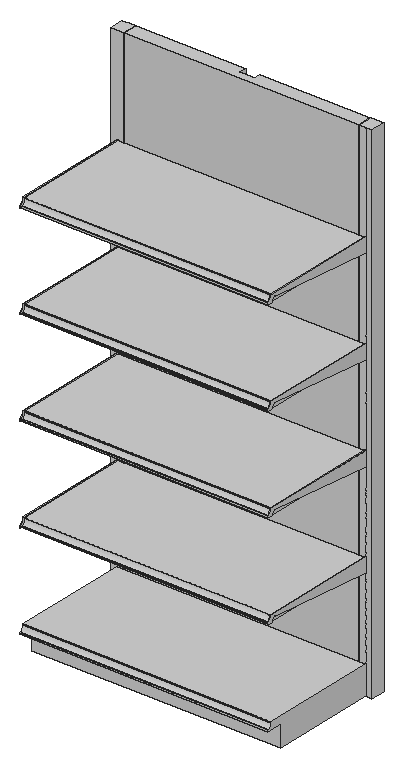
Revit family "ML3", category Specialty Equipment, Revit 2012
Parameters (values of type "Maxi Line End (Default)")
  URL = "http://www.madixinc.com/display/maxiline/core.html"
  Model = "Maxi Line"
  Manufacturer = "© 2012 Madix, Inc. All rights reserved."
  "Right" Shelf Width = 1' - 10"
  "Left" Shelf Width = 1' - 10"
  "Front" Regular Base Shelf [instance] = yes
  "Front" Shelf 2' [instance] = yes
  "Front" Shelf 3' - 6" [instance] = yes
  "Front" Shelf 5' [instance] = yes
  "Front" Shelf 6' - 6" [instance] = yes
  "Front" Shelf Depth = 1' - 10"
  Height = 8' - 0"
Reference planes (in)
  plane 1 "Center (Front/Back)": y = 0
  plane 2: z = 0
  plane 3 "Center (Left/Right)": x = 0
  plane 4: y = 1.1178
  plane 5: y = -1.6322
  plane 6: z = 96
  plane 7: z = 0
  plane 8 "1st shelf": z = 23.5
  plane 9 "2nd shelf": z = 41.5
  plane 10 "3rd shelf": z = 59.5
  plane 11 "4th shelf": z = 77.5
  plane 12: y = -24.5072
  plane 13: x = 0
  plane 14: x = 46.75
  plane 15: x = 0.125
  plane 16: x = 46.625
  plane 17: z = 41.5
  plane 18: y = 23.9928
  plane 19: x = 43.875
  plane 20: x = 2.875
  plane 21: y = -21.6322
  plane 22: y = -24.3822
  plane 23: y = -23.6322
  plane 24: x = 22
  plane 25: x = 24.75
  plane 26: x = 0
Forms (in)
  Extrusion 1, solid, material "Metal - Steel", visible <- ""Front" Shelf 2'"
    sketch origin (0, -0.2572, 0) x (0, 1, 0) y (0, 0, 1)
      loop
        line (-1.375, 23.5) -> (-23.5, 23.5) -> (-23.625, 23.5)
        arc (-23.625, 23.5) -> (-23.83033, 22.87796) -> (-24.25, 22.375) r 1.75
        line (-24.25, 22.375) -> (-24.25, 22.125) -> (-23.375, 22.125) -> (-23.375, 22.375) -> (-22.625, 23) -> (-22.375, 23) -> (-22.375, 22.875) -> (-1.375, 20.75) -> (-1.375, 23.5)
      loop
        circle (-20.375, 23) r 0.125
      loop
        circle (-2.5, 23) r 0.125
    from 0 to 0.125
  Extrusion 2, solid, material "Metal - Steel", visible <- ""Front" Shelf 2'"
    sketch origin (0, -0.2572, 0) x (0, 1, 0) y (0, 0, 1)
      loop
        line (-23.5, 23.5) -> (-23.5, 23.375) -> (-23.375, 23.375)
        arc (-23.375, 23.375) -> (-23.58033, 22.75296) -> (-24, 22.25) r 1.75
        line (-24, 22.25) -> (-24, 22.375) -> (-24.125, 22.375) -> (-24.125, 22.125) -> (-23.375, 22.125) -> (-1.375, 22.125) -> (-1.375, 23.5) -> (-23.5, 23.5)
    from 0.125 to 46.625
  Extrusion 3, solid, material "Metal - Steel", visible <- ""Front" Shelf 2'"
    sketch origin (26.4055, -0.2572, 0) x (0, 1, 0) y (0, 0, -1)
      loop
        line (-1.375, -23.5) -> (-1.375, -20.75) -> (-22.375, -22.875) -> (-22.375, -23) -> (-22.625, -23) -> (-23.375, -22.375) -> (-23.375, -22.125) -> (-24.25, -22.125) -> (-24.25, -22.375)
        arc (-24.25, -22.375) -> (-23.83033, -22.87796) -> (-23.625, -23.5) r 1.75
        line (-23.625, -23.5) -> (-23.5, -23.5) -> (-1.375, -23.5)
      loop
        circle (-20.375, -23) r 0.125
      loop
        circle (-2.5, -23) r 0.125
    from -20.3445 to -20.2195
  Extrusion 4, solid, material "Metal - Steel", visible <- ""Front" Shelf 3' - 6""
    sketch origin (0, -0.2572, 18) x (0, 1, 0) y (0, 0, 1)
      loop
        line (-1.375, 23.5) -> (-23.5, 23.5) -> (-23.625, 23.5)
        arc (-23.625, 23.5) -> (-23.83033, 22.87796) -> (-24.25, 22.375) r 1.75
        line (-24.25, 22.375) -> (-24.25, 22.125) -> (-23.375, 22.125) -> (-23.375, 22.375) -> (-22.625, 23) -> (-22.375, 23) -> (-22.375, 22.875) -> (-1.375, 20.75) -> (-1.375, 23.5)
      loop
        circle (-20.375, 23) r 0.125
      loop
        circle (-2.5, 23) r 0.125
    from 0 to 0.125
  Extrusion 5, solid, material "Metal - Steel", visible <- ""Front" Shelf 3' - 6""
    sketch origin (0, -0.2572, 18) x (0, 1, 0) y (0, 0, 1)
      loop
        line (-23.5, 23.5) -> (-23.5, 23.375) -> (-23.375, 23.375)
        arc (-23.375, 23.375) -> (-23.58033, 22.75296) -> (-24, 22.25) r 1.75
        line (-24, 22.25) -> (-24, 22.375) -> (-24.25, 22.375) -> (-24.25, 22.125) -> (-23.375, 22.125) -> (-1.375, 22.125) -> (-1.375, 23.5) -> (-23.5, 23.5)
    from 0.125 to 46.625
  Extrusion 6, solid, material "Metal - Steel", visible <- ""Front" Shelf 3' - 6""
    sketch origin (26.4055, -0.2572, 18) x (0, 1, 0) y (0, 0, -1)
      loop
        line (-1.375, -23.5) -> (-1.375, -20.75) -> (-22.375, -22.875) -> (-22.375, -23) -> (-22.625, -23) -> (-23.375, -22.375) -> (-23.375, -22.125) -> (-24.25, -22.125) -> (-24.25, -22.375)
        arc (-24.25, -22.375) -> (-23.83033, -22.87796) -> (-23.625, -23.5) r 1.75
        line (-23.625, -23.5) -> (-23.5, -23.5) -> (-1.375, -23.5)
      loop
        circle (-20.375, -23) r 0.125
      loop
        circle (-2.5, -23) r 0.125
    from -20.3445 to -20.2195
  Extrusion 7, solid, material "Metal - Steel", visible <- ""Front" Shelf 5'"
    sketch origin (0, -0.2572, 36) x (0, 1, 0) y (0, 0, 1)
      loop
        line (-1.375, 23.5) -> (-23.5, 23.5) -> (-23.625, 23.5)
        arc (-23.625, 23.5) -> (-23.83033, 22.87796) -> (-24.25, 22.375) r 1.75
        line (-24.25, 22.375) -> (-24.25, 22.125) -> (-23.375, 22.125) -> (-23.375, 22.375) -> (-22.625, 23) -> (-22.375, 23) -> (-22.375, 22.875) -> (-1.375, 20.75) -> (-1.375, 23.5)
      loop
        circle (-20.375, 23) r 0.125
      loop
        circle (-2.5, 23) r 0.125
    from 0 to 0.125
  Extrusion 8, solid, material "Metal - Steel", visible <- ""Front" Shelf 5'"
    sketch origin (0, -0.2572, 36) x (0, 1, 0) y (0, 0, 1)
      loop
        line (-23.5, 23.5) -> (-23.5, 23.375) -> (-23.375, 23.375)
        arc (-23.375, 23.375) -> (-23.58033, 22.75296) -> (-24, 22.25) r 1.75
        line (-24, 22.25) -> (-24, 22.375) -> (-24.25, 22.375) -> (-24.25, 22.125) -> (-23.375, 22.125) -> (-1.375, 22.125) -> (-1.375, 23.5) -> (-23.5, 23.5)
    from 0.125 to 46.625
  Extrusion 9, solid, material "Metal - Steel", visible <- ""Front" Shelf 5'"
    sketch origin (26.4055, -0.2572, 36) x (0, 1, 0) y (0, 0, -1)
      loop
        line (-1.375, -23.5) -> (-1.375, -20.75) -> (-22.375, -22.875) -> (-22.375, -23) -> (-22.625, -23) -> (-23.375, -22.375) -> (-23.375, -22.125) -> (-24.25, -22.125) -> (-24.25, -22.375)
        arc (-24.25, -22.375) -> (-23.83033, -22.87796) -> (-23.625, -23.5) r 1.75
        line (-23.625, -23.5) -> (-23.5, -23.5) -> (-1.375, -23.5)
      loop
        circle (-20.375, -23) r 0.125
      loop
        circle (-2.5, -23) r 0.125
    from -20.3445 to -20.2195
  Extrusion 10, solid, material "Metal - Steel", visible <- ""Front" Shelf 6' - 6""
    sketch origin (0, -0.2572, 54) x (0, 1, 0) y (0, 0, 1)
      loop
        line (-1.375, 23.5) -> (-23.5, 23.5) -> (-23.625, 23.5)
        arc (-23.625, 23.5) -> (-23.83033, 22.87796) -> (-24.25, 22.375) r 1.75
        line (-24.25, 22.375) -> (-24.25, 22.125) -> (-23.375, 22.125) -> (-23.375, 22.375) -> (-22.625, 23) -> (-22.375, 23) -> (-22.375, 22.875) -> (-1.375, 20.75) -> (-1.375, 23.5)
      loop
        circle (-20.375, 23) r 0.125
      loop
        circle (-2.5, 23) r 0.125
    from 0 to 0.125
  Extrusion 11, solid, material "Metal - Steel", visible <- ""Front" Shelf 6' - 6""
    sketch origin (0, -0.2572, 54) x (0, 1, 0) y (0, 0, 1)
      loop
        line (-23.5, 23.5) -> (-23.5, 23.375) -> (-23.375, 23.375)
        arc (-23.375, 23.375) -> (-23.58033, 22.75296) -> (-24, 22.25) r 1.75
        line (-24, 22.25) -> (-24, 22.375) -> (-24.25, 22.375) -> (-24.25, 22.125) -> (-23.375, 22.125) -> (-1.375, 22.125) -> (-1.375, 23.5) -> (-23.5, 23.5)
    from 0.125 to 46.625
  Extrusion 12, solid, material "Metal - Steel", visible <- ""Front" Shelf 6' - 6""
    sketch origin (26.4055, -0.2572, 54) x (0, 1, 0) y (0, 0, -1)
      loop
        line (-1.375, -23.5) -> (-1.375, -20.75) -> (-22.375, -22.875) -> (-22.375, -23) -> (-22.625, -23) -> (-23.375, -22.375) -> (-23.375, -22.125) -> (-24.25, -22.125) -> (-24.25, -22.375)
        arc (-24.25, -22.375) -> (-23.83033, -22.87796) -> (-23.625, -23.5) r 1.75
        line (-23.625, -23.5) -> (-23.5, -23.5) -> (-1.375, -23.5)
      loop
        circle (-20.375, -23) r 0.125
      loop
        circle (-2.5, -23) r 0.125
    from -20.3445 to -20.2195
  Extrusion 13, solid, material "Metal - Steel"
    sketch origin (2.4055, 1.1178, 77.5) x (1, 0, 0) y (0, 1, 0)
      loop
        line (-2.4055, 0) -> (-3.6555, 0) -> (-3.6555, -2.75) -> (-1.1555, -2.75) -> (-1.1555, 0) -> (-2.4055, 0)
      loop
        line (-1.12425, 0) -> (-1.12425, -2.75) -> (43.06325, -2.75) -> (43.06325, 0) -> (22.3445, 0) -> (22.3445, -1.25) -> (19.5945, -1.25) -> (19.5945, 0) -> (-1.12425, 0)
      loop
        line (44.3445, -2.75) -> (45.5945, -2.75) -> (45.5945, 0) -> (43.0945, 0) -> (43.0945, -2.75) -> (44.3445, -2.75)
    from -77.5 to 18.5
  Extrusion 14, solid, material "Metal - Steel", visible <- ""Front" Regular Base Shelf"
    sketch origin (0, -0.2572, 0) x (0, 1, 0) y (0, 0, 1)
      loop
        line (-1.375, 0) -> (-1.375, 5.5) -> (-23.625, 5.5) -> (-23.625, 5.375) -> (-23.5, 5.375)
        arc (-23.5, 5.375) -> (-23.70533, 4.75296) -> (-24.125, 4.25) r 1.75
        line (-24.125, 4.25) -> (-24.125, 4.375) -> (-24.25, 4.375) -> (-24.25, 4.125) -> (-21.375, 4.125) -> (-21.375, 0) -> (-1.375, 0)
    from 0 to 46.75
Dimensions and locks (in)
  "Height": plane 6 to level
  locked: plane 13 to plane 15 at 0.125
  locked: plane 16 to plane 14 at 0.125
  plane 3 "Center (Left/Right)" to Extrusion 13 = 0' - 1 1/4"
  locked: plane 13 to plane 20 at 2.875
  locked: plane 19 to plane 14 at 2.875
  ""Front" Shelf Depth": plane 23 to plane 5
  locked: plane 12 to plane 21 at 2.875
  locked: plane 22 to plane 12 at 0.125
  locked: plane 12 to plane 23 at 0.875
  ""Right" Shelf Width": plane 25 to plane 14
  ""Left" Shelf Width": plane 26 to plane 24
  locked: plane 24 to plane 25 at 2.75
  aligned and locked: level to plane 2
  aligned and locked: Extrusion 2 to Extrusion 3
  aligned and locked: Extrusion 1 to plane 15
  aligned and locked: Extrusion 2 to Extrusion 1
  aligned and locked: plane 16 to Extrusion 3
  aligned and locked: Extrusion 5 to Extrusion 6
  aligned and locked: Extrusion 5 to Extrusion 4
  aligned and locked: Extrusion 4 to Extrusion 1
  aligned and locked: Extrusion 6 to Extrusion 2
  aligned and locked: Extrusion 4 to plane 15
  aligned and locked: Extrusion 8 to Extrusion 9
  aligned and locked: Extrusion 8 to Extrusion 7
  aligned and locked: Extrusion 7 to Extrusion 1
  aligned and locked: Extrusion 9 to Extrusion 2
  aligned and locked: Extrusion 11 to Extrusion 12
  aligned and locked: Extrusion 11 to Extrusion 10
  aligned and locked: Extrusion 10 to Extrusion 1
  aligned and locked: Extrusion 12 to Extrusion 2
  aligned and locked: Extrusion 13 to level
  aligned and locked: plane 13 to Extrusion 10
  aligned and locked: plane 13 to Extrusion 7
  aligned and locked: plane 13 to Extrusion 4
  aligned and locked: plane 13 to Extrusion 1
  aligned and locked: Extrusion 12 to plane 14
  aligned and locked: Extrusion 9 to plane 14
  aligned and locked: Extrusion 6 to plane 14
  aligned and locked: Extrusion 3 to plane 14
  aligned and locked: plane 5 to Extrusion 13
  aligned and locked: Extrusion 13 to plane 6
  aligned and locked: plane 22 to Extrusion 2
  aligned and locked: Extrusion 11 to plane 5
  aligned and locked: plane 13 to Extrusion 14
  aligned and locked: Extrusion 14 to plane 14
  aligned and locked: plane 23 to Extrusion 2
  aligned and locked: Extrusion 2 to plane 5
  aligned and locked: plane 24 to Extrusion 13
  aligned and locked: plane 25 to Extrusion 13
  aligned and locked: plane 13 to plane 26
Automatic sketch dimensions
  Extrusion 1 sketch curve to plane 12 = 0' - 0"
  Extrusion 1 sketch curve to plane 8 "1st shelf" = 0' - 0"
  Extrusion 1 sketch curve to plane 5 = 0' - 0"
  plane 8 "1st shelf" to Extrusion 1 sketch curve = 0' - 0.22784"
  Extrusion 1 sketch curve to plane 12 = 0' - 1.11011"
  plane 12 to Extrusion 1 sketch curve = 0' - 0 5/8"
  Extrusion 1 sketch curve to Extrusion 1 sketch curve = 0' - 0 1/8"  (x2)
  plane 12 to Extrusion 1 sketch curve = 0' - 0 7/8"
  Extrusion 1 sketch curve to Extrusion 1 sketch curve = 0' - 0 3/4"
  Extrusion 1 sketch curve to Extrusion 1 sketch curve = 0' - 0 1/4"  (x2)
  Extrusion 1 sketch curve to plane 8 "1st shelf" = 0' - 0 1/2"  (x2)
  Extrusion 1 sketch curve to Extrusion 1 sketch curve = 0' - 2"
  plane 5 to Extrusion 1 sketch curve = 0' - 1 1/8"
  Extrusion 1 sketch curve to Extrusion 1 sketch curve = 0' - 0"
  Extrusion 1 sketch curve to Extrusion 1 sketch curve = 0' - 2 1/4"
  Extrusion 1 sketch curve to plane 8 "1st shelf" = 0' - 0 5/8"
  Extrusion 2 sketch curve to plane 8 "1st shelf" = 0' - 0"
  Extrusion 2 sketch curve to plane 5 = 0' - 0"
  plane 12 to Extrusion 2 sketch curve = 0' - 0 7/8"  (x2)
  Extrusion 2 sketch curve to plane 8 "1st shelf" = 0' - 0 1/8"
  Extrusion 2 sketch curve to Extrusion 2 sketch curve = 0' - 0 1/8"  (x3)
  plane 12 to Extrusion 2 sketch curve = 0' - 0 1/4"
  plane 12 to Extrusion 2 sketch curve = 0' - 0 1/8"
  plane 8 "1st shelf" to Extrusion 2 sketch curve = 0' - 0.10284"
  Extrusion 2 sketch curve to plane 12 = 0' - 0.86011"
  Extrusion 3 sketch curve to plane 12 = 0' - 0"
  Extrusion 3 sketch curve to plane 8 "1st shelf" = 0' - 0"
  Extrusion 3 sketch curve to plane 5 = 0' - 0"
  plane 8 "1st shelf" to Extrusion 3 sketch curve = 0' - 0.22784"
  Extrusion 3 sketch curve to plane 12 = 0' - 1.11011"
  plane 12 to Extrusion 3 sketch curve = 0' - 0 5/8"
  Extrusion 3 sketch curve to Extrusion 3 sketch curve = 0' - 0 1/8"  (x2)
  plane 12 to Extrusion 3 sketch curve = 0' - 0 7/8"
  Extrusion 3 sketch curve to Extrusion 3 sketch curve = 0' - 0 3/4"
  Extrusion 3 sketch curve to Extrusion 3 sketch curve = 0' - 0 1/4"  (x2)
  Extrusion 3 sketch curve to plane 8 "1st shelf" = 0' - 0 1/2"  (x3)
  Extrusion 3 sketch curve to Extrusion 3 sketch curve = 0' - 2"
  plane 5 to Extrusion 3 sketch curve = 0' - 1 1/8"
  Extrusion 3 sketch curve to Extrusion 3 sketch curve = 0' - 0"
  Extrusion 3 sketch curve to Extrusion 3 sketch curve = 0' - 2 1/4"
  Extrusion 4 sketch curve to plane 12 = 0' - 0"
  Extrusion 4 sketch curve to plane 9 "2nd shelf" = 0' - 0"
  Extrusion 4 sketch curve to plane 5 = 0' - 0"
  plane 9 "2nd shelf" to Extrusion 4 sketch curve = 0' - 0.22784"
  Extrusion 4 sketch curve to plane 12 = 0' - 1.11011"
  plane 12 to Extrusion 4 sketch curve = 0' - 0 5/8"
  Extrusion 4 sketch curve to Extrusion 4 sketch curve = 0' - 0 1/8"  (x2)
  plane 12 to Extrusion 4 sketch curve = 0' - 0 7/8"
  Extrusion 4 sketch curve to Extrusion 4 sketch curve = 0' - 0 3/4"
  Extrusion 4 sketch curve to Extrusion 4 sketch curve = 0' - 0 1/4"  (x2)
  Extrusion 4 sketch curve to plane 9 "2nd shelf" = 0' - 0 1/2"  (x2)
  Extrusion 4 sketch curve to Extrusion 4 sketch curve = 0' - 2"
  plane 5 to Extrusion 4 sketch curve = 0' - 1 1/8"
  Extrusion 4 sketch curve to Extrusion 4 sketch curve = 0' - 0"
  Extrusion 4 sketch curve to Extrusion 4 sketch curve = 0' - 2 1/4"
  Extrusion 4 sketch curve to plane 9 "2nd shelf" = 0' - 0 5/8"
  Extrusion 5 sketch curve to plane 12 = 0' - 0"
  Extrusion 5 sketch curve to plane 9 "2nd shelf" = 0' - 0"
  Extrusion 5 sketch curve to plane 5 = 0' - 0"
  plane 9 "2nd shelf" to Extrusion 5 sketch curve = 0' - 0.10284"
  Extrusion 5 sketch curve to plane 12 = 0' - 0.86011"
  plane 12 to Extrusion 5 sketch curve = 0' - 0 1/4"
  plane 12 to Extrusion 5 sketch curve = 0' - 0 3/4"
  Extrusion 5 sketch curve to Extrusion 5 sketch curve = 0' - 0 5/8"
  Extrusion 5 sketch curve to Extrusion 5 sketch curve = 0' - 0 1/8"  (x2)
  Extrusion 5 sketch curve to plane 9 "2nd shelf" = 0' - 0 1/8"
  Extrusion 5 sketch curve to Extrusion 5 sketch curve = 0' - 0 1/4"
  Extrusion 6 sketch curve to plane 12 = 0' - 0"
  Extrusion 6 sketch curve to plane 9 "2nd shelf" = 0' - 0"
  Extrusion 6 sketch curve to plane 5 = 0' - 0"
  plane 9 "2nd shelf" to Extrusion 6 sketch curve = 0' - 0.22784"
  Extrusion 6 sketch curve to plane 12 = 0' - 1.11011"
  plane 12 to Extrusion 6 sketch curve = 0' - 0 5/8"
  Extrusion 6 sketch curve to Extrusion 6 sketch curve = 0' - 0 1/8"  (x2)
  plane 12 to Extrusion 6 sketch curve = 0' - 0 7/8"
  Extrusion 6 sketch curve to Extrusion 6 sketch curve = 0' - 0 3/4"
  Extrusion 6 sketch curve to Extrusion 6 sketch curve = 0' - 0 1/4"  (x2)
  Extrusion 6 sketch curve to plane 9 "2nd shelf" = 0' - 0 1/2"  (x3)
  Extrusion 6 sketch curve to Extrusion 6 sketch curve = 0' - 2"
  plane 5 to Extrusion 6 sketch curve = 0' - 1 1/8"
  Extrusion 6 sketch curve to Extrusion 6 sketch curve = 0' - 0"
  Extrusion 6 sketch curve to Extrusion 6 sketch curve = 0' - 2 1/4"
  Extrusion 7 sketch curve to plane 12 = 0' - 0"
  Extrusion 7 sketch curve to plane 10 "3rd shelf" = 0' - 0"
  Extrusion 7 sketch curve to plane 5 = 0' - 0"
  plane 10 "3rd shelf" to Extrusion 7 sketch curve = 0' - 0.22784"
  Extrusion 7 sketch curve to plane 12 = 0' - 1.11011"
  plane 12 to Extrusion 7 sketch curve = 0' - 0 5/8"
  Extrusion 7 sketch curve to Extrusion 7 sketch curve = 0' - 0 1/8"  (x2)
  plane 12 to Extrusion 7 sketch curve = 0' - 0 7/8"
  Extrusion 7 sketch curve to Extrusion 7 sketch curve = 0' - 0 3/4"
  Extrusion 7 sketch curve to Extrusion 7 sketch curve = 0' - 0 1/4"  (x2)
  Extrusion 7 sketch curve to plane 10 "3rd shelf" = 0' - 0 1/2"  (x2)
  Extrusion 7 sketch curve to Extrusion 7 sketch curve = 0' - 2"
  plane 5 to Extrusion 7 sketch curve = 0' - 1 1/8"
  Extrusion 7 sketch curve to Extrusion 7 sketch curve = 0' - 0"
  Extrusion 7 sketch curve to Extrusion 7 sketch curve = 0' - 2 1/4"
  Extrusion 7 sketch curve to plane 10 "3rd shelf" = 0' - 0 5/8"
  Extrusion 8 sketch curve to plane 12 = 0' - 0"
  Extrusion 8 sketch curve to plane 10 "3rd shelf" = 0' - 0"
  Extrusion 8 sketch curve to plane 5 = 0' - 0"
  plane 10 "3rd shelf" to Extrusion 8 sketch curve = 0' - 0.10284"
  Extrusion 8 sketch curve to plane 12 = 0' - 0.86011"
  plane 12 to Extrusion 8 sketch curve = 0' - 0 1/4"
  plane 12 to Extrusion 8 sketch curve = 0' - 0 3/4"
  Extrusion 8 sketch curve to Extrusion 8 sketch curve = 0' - 0 5/8"
  Extrusion 8 sketch curve to Extrusion 8 sketch curve = 0' - 0 1/8"  (x2)
  Extrusion 8 sketch curve to plane 10 "3rd shelf" = 0' - 0 1/8"
  Extrusion 8 sketch curve to Extrusion 8 sketch curve = 0' - 0 1/4"
  Extrusion 9 sketch curve to plane 12 = 0' - 0"
  Extrusion 9 sketch curve to plane 10 "3rd shelf" = 0' - 0"
  Extrusion 9 sketch curve to plane 5 = 0' - 0"
  plane 10 "3rd shelf" to Extrusion 9 sketch curve = 0' - 0.22784"
  Extrusion 9 sketch curve to plane 12 = 0' - 1.11011"
  plane 12 to Extrusion 9 sketch curve = 0' - 0 5/8"
  Extrusion 9 sketch curve to Extrusion 9 sketch curve = 0' - 0 1/8"  (x2)
  plane 12 to Extrusion 9 sketch curve = 0' - 0 7/8"
  Extrusion 9 sketch curve to Extrusion 9 sketch curve = 0' - 0 3/4"
  Extrusion 9 sketch curve to Extrusion 9 sketch curve = 0' - 0 1/4"  (x2)
  Extrusion 9 sketch curve to plane 10 "3rd shelf" = 0' - 0 1/2"  (x3)
  Extrusion 9 sketch curve to Extrusion 9 sketch curve = 0' - 2"
  plane 5 to Extrusion 9 sketch curve = 0' - 1 1/8"
  Extrusion 9 sketch curve to Extrusion 9 sketch curve = 0' - 0"
  Extrusion 9 sketch curve to Extrusion 9 sketch curve = 0' - 2 1/4"
  Extrusion 10 sketch curve to plane 12 = 0' - 0"
  Extrusion 10 sketch curve to plane 11 "4th shelf" = 0' - 0"
  Extrusion 10 sketch curve to plane 5 = 0' - 0"
  plane 11 "4th shelf" to Extrusion 10 sketch curve = 0' - 0.22784"
  Extrusion 10 sketch curve to plane 12 = 0' - 1.11011"
  plane 12 to Extrusion 10 sketch curve = 0' - 0 5/8"
  Extrusion 10 sketch curve to Extrusion 10 sketch curve = 0' - 0 1/8"  (x2)
  plane 12 to Extrusion 10 sketch curve = 0' - 0 7/8"
  Extrusion 10 sketch curve to Extrusion 10 sketch curve = 0' - 0 3/4"
  Extrusion 10 sketch curve to Extrusion 10 sketch curve = 0' - 0 1/4"  (x2)
  Extrusion 10 sketch curve to plane 11 "4th shelf" = 0' - 0 1/2"  (x2)
  Extrusion 10 sketch curve to Extrusion 10 sketch curve = 0' - 2"
  plane 5 to Extrusion 10 sketch curve = 0' - 1 1/8"
  Extrusion 10 sketch curve to Extrusion 10 sketch curve = 0' - 0"
  Extrusion 10 sketch curve to Extrusion 10 sketch curve = 0' - 2 1/4"
  Extrusion 10 sketch curve to plane 11 "4th shelf" = 0' - 0 5/8"
  Extrusion 11 sketch curve to plane 12 = 0' - 0"
  Extrusion 11 sketch curve to plane 11 "4th shelf" = 0' - 0"
  plane 5 to Extrusion 11 sketch curve = 0' - 0"
  plane 11 "4th shelf" to Extrusion 11 sketch curve = 0' - 0.10284"
  Extrusion 11 sketch curve to plane 12 = 0' - 0.86011"
  plane 12 to Extrusion 11 sketch curve = 0' - 0 1/4"
  plane 12 to Extrusion 11 sketch curve = 0' - 0 3/4"
  Extrusion 11 sketch curve to Extrusion 11 sketch curve = 0' - 0 5/8"
  Extrusion 11 sketch curve to Extrusion 11 sketch curve = 0' - 0 1/8"  (x2)
  Extrusion 11 sketch curve to plane 11 "4th shelf" = 0' - 0 1/8"
  Extrusion 11 sketch curve to Extrusion 11 sketch curve = 0' - 0 1/4"
  Extrusion 12 sketch curve to plane 12 = 0' - 0"
  Extrusion 12 sketch curve to plane 11 "4th shelf" = 0' - 0"
  Extrusion 12 sketch curve to plane 5 = 0' - 0"
  plane 11 "4th shelf" to Extrusion 12 sketch curve = 0' - 0.22784"
  Extrusion 12 sketch curve to plane 12 = 0' - 1.11011"
  plane 12 to Extrusion 12 sketch curve = 0' - 0 5/8"
  Extrusion 12 sketch curve to Extrusion 12 sketch curve = 0' - 0 1/8"  (x2)
  plane 12 to Extrusion 12 sketch curve = 0' - 0 7/8"
  Extrusion 12 sketch curve to Extrusion 12 sketch curve = 0' - 0 3/4"
  Extrusion 12 sketch curve to Extrusion 12 sketch curve = 0' - 0 1/4"  (x2)
  Extrusion 12 sketch curve to plane 11 "4th shelf" = 0' - 0 1/2"  (x3)
  Extrusion 12 sketch curve to Extrusion 12 sketch curve = 0' - 2"
  plane 5 to Extrusion 12 sketch curve = 0' - 1 1/8"
  Extrusion 12 sketch curve to Extrusion 12 sketch curve = 0' - 0"
  Extrusion 12 sketch curve to Extrusion 12 sketch curve = 0' - 2 1/4"
  Extrusion 13 sketch curve to plane 4 = 0' - 0"  (x4)
  plane 5 to Extrusion 13 sketch curve = 0' - 0"  (x3)
  Extrusion 13 sketch curve to plane 13 = 0' - 0"
  Extrusion 13 sketch curve to plane 14 = 0' - 0"
  plane 13 to Extrusion 13 sketch curve = 0' - 1 1/4"
  plane 15 to Extrusion 13 sketch curve = 0' - 1 1/8"
  Extrusion 13 sketch curve to Extrusion 13 sketch curve = 0' - 0 1/32"  (x2)
  plane 1 "Center (Front/Back)" to Extrusion 13 sketch curve = 0' - 0.1322"
  plane 3 "Center (Left/Right)" to Extrusion 13 sketch curve = 1' - 10"
  plane 3 "Center (Left/Right)" to Extrusion 13 sketch curve = 2' - 0 3/4"
  plane 16 to Extrusion 13 sketch curve = 0' - 1 5/32"
  Extrusion 13 sketch curve to plane 14 = 0' - 1 1/4"
  Extrusion 14 sketch curve to plane 12 = 0' - 0"
  Extrusion 14 sketch curve to plane 22 = 0' - 0"
  Extrusion 14 sketch curve to plane 21 = 0' - 0"
  Extrusion 14 sketch curve to plane 5 = 0' - 0"
  Extrusion 14 sketch curve to level = 0' - 0"
  Extrusion 14 sketch curve to plane 12 = 0' - 0.98511"
  plane 22 to Extrusion 14 sketch curve = 0' - 0 1/2"
  Extrusion 14 sketch curve to Extrusion 14 sketch curve = 0' - 0 1/8"  (x3)
  level to Extrusion 14 sketch curve = 0' - 4 1/8"
  Extrusion 14 sketch curve to Extrusion 14 sketch curve = 0' - 1"
  level to Extrusion 14 sketch curve = 0' - 5 1/2"
  radius of Extrusion 1 sketch curve = 0' - 0 1/8"  (x2)
  radius of Extrusion 3 sketch curve = 0' - 0 1/8"  (x2)
  radius of Extrusion 4 sketch curve = 0' - 0 1/8"  (x2)
  radius of Extrusion 6 sketch curve = 0' - 0 1/8"  (x2)
  radius of Extrusion 7 sketch curve = 0' - 0 1/8"  (x2)
  radius of Extrusion 9 sketch curve = 0' - 0 1/8"  (x2)
  radius of Extrusion 10 sketch curve = 0' - 0 1/8"  (x2)
  radius of Extrusion 12 sketch curve = 0' - 0 1/8"  (x2)
